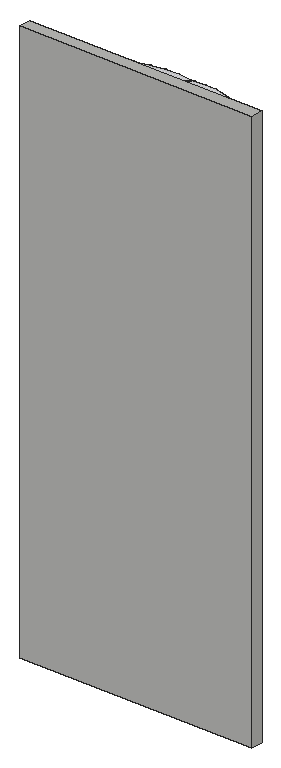
Revit family "TLI - Zenith W Large - Wall", category Lighting Fixtures, host Wall, Revit 2012
Parameters (values of type "Biax 4-Pin 2 -  55W - 277V")
  Width = 1' - 0 5/8"
  Wet Location [instance] = yes
  Watts = 110 W
  Wattage = 46.4515 W
  built-in parameter 1150110 = 1 (stored number, unit not read)
  Voltage = 277 V
  URL = "http://teronlighting.com/"
  built-in parameter 1114217 = 0.81 (stored number, unit not read)
  Tilt Angle = 0.00°
  built-in parameter 1150109 = 1 (stored number, unit not read)
  built-in parameter 1150134 = (empty or 0)
  built-in parameter 1150113 = 1 (stored number, unit not read)
  Requires Special Disposal = no
  Product Page URL = "http://teronlighting.com/products/zenith-w-large/"
  Product Documentation URL = "http://teronlighting.com/wp-content/uploads/Zenith-W-Large.pdf"
  Product = "Zenith W Large"
  Point of Final Manufacture = "Fairfield, OH, USA"
  Photometric Web File = "generic.ies"
  Percentage Pre-Consumer = 0
  Percentage Post-Consumer = 0
  Number of Lamps = 2
  built-in parameter 1150142 = (empty or 0)
  Multi-Tap Ballast [instance] = no
  Mounting Type = "4\" Junction Box"
  Model = "ZENL - F255E"
  MasterFormat 2004 Title = "Exterior Lighting"
  MasterFormat 2004 Number = "26.56.00"
  Manufacturer Telephone = "01-513-858-6004"
  Manufacturer Email = "sales@teronlight.com"
  Manufacturer Address = "33 Donald Drive Fairfield, OH 45014"
  Manufacturer = "Teron Lighting"
  Lumens = 6900 lm
  built-in parameter 1150115 = 1 (stored number, unit not read)
  built-in parameter 1150105 = 549.08 (stored number, unit not read)
  built-in parameter 1150137 = (empty or 0)
  built-in parameter 1150139 = 0.81 (stored number, unit not read)
  Length = 2' - 6 1/2"
  built-in parameter 1150112 = 1 (stored number, unit not read)
  built-in parameter 1150114 = 1 (stored number, unit not read)
  Lamp Base = "4-Pin"
  Lamp = "2 - 55W BIAX"
  Integral Battery = no
  built-in parameter 1150132 = 2
  built-in parameter 1150102 = 3600
  built-in parameter 1150138 = 4100 (stored number, unit not read)
  built-in parameter 1150107 = 4100 (stored number, unit not read)
  Industry Standards = "Buy America Act, Vandal Resistant"
  built-in parameter 1150106 = 5.4908 (stored number, unit not read)
  Fused [instance] = no
  Fixture Material = Paint - TLI - Matte Silver
  Fixture = "Aluminum"
  Finish = "Matte Silver"
  Emergency Light Fixture [instance] = no
  Electronic Ballast [instance] = yes
  built-in parameter 1150104 = 13.8 (stored number, unit not read)
  Distributor Locations = "USA, Canada, Puerto Rico"
  Dimming Lamp Color Temperature Shift = <None>
  Dimming Ballast [instance] = no
  Diffuser Material = Acrylic - TLI - Luminous White
  Diffuser = "Luminous White Acrylic"
  Description = "Architectectural Outdoor"
  Depth = 0' - 3 7/8"
  Date Created = "7.2.2012"
  Created By = "RenderSpec  http://rederspec.com"
  Cost = 0
  Conditions of Use = "Elements are representations. Color and detail may differ from actual product. Information is for general use and should be reviewed by a Professional."
  Color Filter = 16777215
  built-in parameter 1114218 = 1 (stored number, unit not read)
  built-in parameter 1150133 = 10 (stored number, unit not read)
  Apparent Load = 110 VA
  Amps = 1
  ADA Compliant = yes
Types (10): name | Watts | Wattage | Voltage | Number of Lamps | Model | Lumens | built-in parameter 1150105 | Lamp | built-in parameter 1150106 | Apparent Load
  Biax 4-Pin 1 -  39W - 120V | 39 W | 19.1865 W | 120 V | 1 | "ZENL - F139E" | 2850 lm | 226.8 (stored number, unit not read) | "1 - 39W BIAX" | 2.268 (stored number, unit not read) | 39 VA
  Biax 4-Pin 1 -  39W - 277V | 39 W | 19.1865 W | 277 V | 1 | "ZENL - F139E" | 2850 lm | 226.8 (stored number, unit not read) | "1 - 39W BIAX" | 2.268 (stored number, unit not read) | 39 VA
  Biax 4-Pin 1 -  40W - 120V | 40 W | 21.2061 W | 120 V | 1 | "ZENL - F140E" | 3150 lm | 250.67 (stored number, unit not read) | "1 - 40W BIAX" | 2.5067 (stored number, unit not read) | 40 VA
  Biax 4-Pin 1 -  40W - 277V | 40 W | 21.2061 W | 277 V | 1 | "ZENL - F140E" | 3150 lm | 250.67 (stored number, unit not read) | "1 - 40W BIAX" | 2.5067 (stored number, unit not read) | 40 VA
  Biax 4-Pin 2 -  39W - 120V | 78 W | 38.373 W | 120 V | 2 | "ZENL - F239E" | 5700 lm | 453.59 (stored number, unit not read) | "2 - 39W BIAX" | 4.5359 (stored number, unit not read) | 78 VA
  Biax 4-Pin 2 -  39W - 277V | 78 W | 38.373 W | 277 V | 2 | "ZENL - F239E" | 5700 lm | 453.59 (stored number, unit not read) | "2 - 39W BIAX" | 4.5359 (stored number, unit not read) | 78 VA
  Biax 4-Pin 2 -  40W - 120V | 80 W | 42.4123 W | 120 V | 2 | "ZENL - F240E" | 6300 lm | 501.34 (stored number, unit not read) | "2 - 40W BIAX" | 5.0134 (stored number, unit not read) | 80 VA
  Biax 4-Pin 2 -  40W - 277V | 80 W | 42.4123 W | 277 V | 2 | "ZENL - F240E" | 6300 lm | 501.34 (stored number, unit not read) | "2 - 40W BIAX" | 5.0134 (stored number, unit not read) | 80 VA
  Biax 4-Pin 2 -  55W - 120V | 110 W | 46.4515 W | 120 V | 2 | "ZENL - F255E" | 6900 lm | 549.08 (stored number, unit not read) | "2 - 55W BIAX" | 5.4908 (stored number, unit not read) | 110 VA
  Biax 4-Pin 2 -  55W - 277V | 110 W | 46.4515 W | 277 V | 2 | "ZENL - F255E" | 6900 lm | 549.08 (stored number, unit not read) | "2 - 55W BIAX" | 5.4908 (stored number, unit not read) | 110 VA
Reference planes (in)
  plane 1: y = 0
  plane 2 "Light Source Axis (F/B)": y = 4
  plane 3 "Light Source Axis (L/R)": x = -1.43133
  plane 4 "Light Source Elevation": z = 60.03469
Text (in)
  text "Placement Side" at (0, 40.15149, 117.0711), in view "Right"
  text "Placement Side" at (-70.3804, 28.46503, 0), in view "Ref. Level"
  text "Placement Side" at (0, 47.49176, 118.91627), in view "Left"
Dimensions and locks (in)
  locked: plane 2 "Light Source Axis (F/B)" to host wall at 1
  locked: nested 2 to plane 2 "Light Source Axis (F/B)" at 1
  aligned and locked: plane 3 "Light Source Axis (L/R)" to imposter light
  aligned and locked: plane 2 "Light Source Axis (F/B)" to imposter light
  aligned and locked: plane 4 "Light Source Elevation" to imposter light
  aligned and locked: nested 1 to plane 3 "Light Source Axis (L/R)"
  aligned and locked: nested 1 to host wall
Nested families (in)
  nested 1: "Wall Mounted Light Fixture" at (-1.43133, 3, 0), Emergency Light Fixture <- "Emergency Light Fixture", type "Wall Mounted Light Fixture"
    with Emergency Light Fixture no
  nested 2: "TLI - Zenith W Large" at (-1.43133, 3, 60.03469), type "TLI - Zenith W Large"
Definition of nested family "TLI - Zenith W Large"
  Parameters (values of type "TLI - Zenith W Large")
    Fixture Material = none
    Diffuser Material = none
  Reference planes (in)
    plane 1 "Center (Front/Back)": y = 0
    plane 2: z = 0
    plane 3 "Center (Left/Right)": x = 0
    plane 4: x = -4.72207
    plane 5: x = 4.72207
    plane 6: y = -1.75706
    plane 7: z = 15.25
    plane 8: z = 13.7847
    plane 9: z = 13.72853
    plane 10: z = 14.44877
    plane 11: z = -15.25
    plane 12: z = -13.7847
    plane 13: z = -13.72853
    plane 14: z = -14.44877
  Forms (in)
    Extrusion 1, solid, material <- "Fixture Material"
      sketch origin (0, 0.625, 0) x (1, 0, 0) y (0, 0, 1)
        loop
          line (-6.25, -15.25) -> (6.25, -15.25) -> (6.25, 15.25) -> (-6.25, 15.25) -> (-6.25, -15.25)
      from 0 to 0.625
    Extrusion 2, solid, material <- "Fixture Material"
      sketch origin (0, 1.3125, 0) x (1, 0, 0) y (0, 0, 1)
        loop
          line (4.78457, -13.7847) -> (4.78457, 13.7847) -> (-4.78457, 13.7847) -> (-4.78457, -13.7847) -> (4.78457, -13.7847)
        loop
          line (-5.44877, -14.44877) -> (5.44877, -14.44877) -> (5.44877, 14.44877) -> (-5.44877, 14.44877) -> (-5.44877, -14.44877)
      from 0 to 0.6875
    SweptBlend 3, solid, material <- "Diffuser Material"
      path origin (0, 0, 0) x (1, 0, 0) y (0, 1, 0)
        loop
          arc (-4.78457, 1.21414) -> (-2.73735, 3.16504) -> (0, 3.875) r 5.63206
      profile origin (-4.78457, 1.21414, 0) x (-0.849523, 0.527551, 0) y (0, 0, 1)
        loop
          arc (0, 13.60845) -> (-0.02508, 13.68357) -> (-0.09027, 13.72853) r 0.125
          line (-0.09027, 13.72853) -> (-0.12253, 13.72853) -> (-2.125, 13.72853) -> (-2.125, 13.60353) -> (-0.20101, 13.60353) -> (-0.125, 13.60353) -> (-0.125, -13.60353) -> (-0.15588, -13.60353) -> (-2.125, -13.60353) -> (-2.125, -13.72853) -> (-0.1833, -13.72853) -> (-0.09027, -13.72853)
          arc (-0.09027, -13.72853) -> (-0.02508, -13.68357) -> (0, -13.60845) r 0.125
          line (0, -13.60845) -> (0, 13.60845)
      end profile origin (0, 3.875, 0) x (0, 1, 0) y (0, 0, 1)
        loop
          line (-2.0625, 13.72853) -> (-3.15322, 13.72853) -> (-3.15322, 13.60353) -> (-2.08022, 13.60353) -> (-0.125, 13.03796) -> (-0.125, -13.03796) -> (-2.08022, -13.60353) -> (-3.15322, -13.60353) -> (-3.15322, -13.72853) -> (-2.0625, -13.72853) -> (-0.09027, -13.15804)
          arc (-0.09027, -13.15804) -> (-0.02508, -13.11307) -> (0, -13.03796) r 0.125
          line (0, -13.03796) -> (0, 13.03796)
          arc (0, 13.03796) -> (-0.02508, 13.11307) -> (-0.09027, 13.15804) r 0.125
          line (-0.09027, 13.15804) -> (-2.0625, 13.72853)
    Extrusion 4, void
      sketch origin (4.78457, 0, 0) x (1, 0, 0) y (0, 1, 0)
        loop
          line (-4.78457, 1.21414) -> (-4.78457, 0) -> (0, 0) -> (0, 1.21414) -> (-4.78457, 1.21414)
      from -8.28301 to 8.28301
    SweptBlend 5, solid, material <- "Diffuser Material"
      path origin (0, 0, 0) x (-1, 0, 0) y (0, -1, 0)
        loop
          arc (-4.78457, -1.21414) -> (-2.73735, -3.16504) -> (0, -3.875) r 5.63206
      profile origin (4.78457, 1.21414, 0) x (-0.849523, -0.527551, 0) y (0, 0, 1)
        loop
          line (0, 13.60845) -> (0, -13.60845)
          arc (0, -13.60845) -> (0.02508, -13.68357) -> (0.09027, -13.72853) r 0.125
          line (0.09027, -13.72853) -> (0.1833, -13.72853) -> (2.125, -13.72853) -> (2.125, -13.60353) -> (0.15588, -13.60353) -> (0.125, -13.60353) -> (0.125, 13.60353) -> (0.20101, 13.60353) -> (2.125, 13.60353) -> (2.125, 13.72853) -> (0.12253, 13.72853) -> (0.09027, 13.72853)
          arc (0.09027, 13.72853) -> (0.02508, 13.68357) -> (0, 13.60845) r 0.125
      end profile origin (0, 3.875, 0) x (0, -1, 0) y (0, 0, 1)
        loop
          line (2.0625, 13.72853) -> (0.09027, 13.15804)
          arc (0.09027, 13.15804) -> (0.02508, 13.11307) -> (0, 13.03796) r 0.125
          line (0, 13.03796) -> (0, -13.03796)
          arc (0, -13.03796) -> (0.02508, -13.11307) -> (0.09027, -13.15804) r 0.125
          line (0.09027, -13.15804) -> (2.0625, -13.72853) -> (3.15322, -13.72853) -> (3.15322, -13.60353) -> (2.08022, -13.60353) -> (0.125, -13.03796) -> (0.125, 13.03796) -> (2.08022, 13.60353) -> (3.15322, 13.60353) -> (3.15322, 13.72853) -> (2.0625, 13.72853)
    Extrusion 6, void
      sketch origin (0, 0, 0) x (1, 0, 0) y (0, 1, 0)
        loop
          line (-4.78457, 1.21414) -> (-4.78457, 0) -> (0, 0) -> (0, 1.21414) -> (-4.78457, 1.21414)
      from -13.7847 to 13.7847
    Extrusion 7, void
      sketch origin (4.78457, 0, 0) x (1, 0, 0) y (0, 1, 0)
        loop
          line (-4.78457, 1.21414) -> (-4.78457, 0) -> (0, 0) -> (0, 1.21414) -> (-4.78457, 1.21414)
      from -13.7847 to 13.7847
  Cuts and joins
    Extrusion 6 cuts SweptBlend 3
    Extrusion 4, Extrusion 7 cuts SweptBlend 5
    joined: SweptBlend 3, SweptBlend 5
  Dimensions and locks (in)
    aligned and locked: plane 2 to level
Definition of nested family "Wall Mounted Light Fixture"
  Parameters (values of type "Wall Mounted Light Fixture")
    Emergency Light Fixture [instance] = no
  Reference planes (in)
    plane 1: y = 0
    plane 2: x = 0
  Lines and regions (in)
    detail lines, built-in parameter 1006310 <- "Emergency Light Fixture"
      curve 1: circle (0, 0.125, 0) r 0.0625 normal (0, 0, 1)
    detail lines
      curve 2: line (-0.0625, 0, 0) -> (0.0625, 0, 0)
      curve 3: line (0, 0, 0) -> (0, 0.0625, 0)
